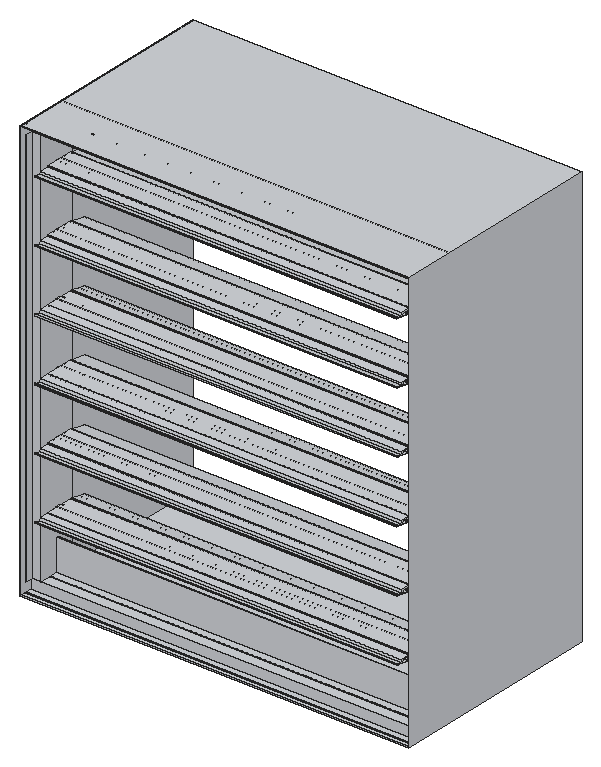
Revit family "FS-AF-OW-I, FS-AF-OW-II", category Mechanical Equipment, Revit 2015
Parameters
  URL = "https://unitedenertech.com/catalog/pdf/P-50%20%20%20FS-AF-OW-I.pdf-color.pdf"
  Type Comments = "Max. Single Section Size is 36\"w x 48\"h, Max. Multi Section Size is 42\"w x 48\"h"
  Model = "F/S-AF-OW-I, F/S-AF-OW-II"
  Manufacturer = "United Enertech Corporation"
  Keynote = "FSLF-120 Actuator Shown In the Air Stream, Consult Factory for Out of the Air Stream Placement in Models. See Website for Correct Actuator for Damper Size."
  Exact Width = 3' - 0"
  Exact Height = 3' - 3"
  Description = "Outside Wall Combination Fire/Smoke Damper"
  Depth = 1' - 8"
  Blade Spacing = 0' - 5 3/4"
  Blade Number [instance] = rounddown((Exact Height - 0' 3") / Blade Spacing)  # 6
  BW [instance] = Exact Width - 0' 2 1/2"  # 2' - 9 1/2"
Reference planes (in)
  plane 1 "Center (Front/Back)": y = 0
  plane 2: z = 0
  plane 3 "Center (Left/Right)": x = 0
  plane 4: z = 39
  plane 5: x = -18
  plane 6: x = 18
  plane 7: z = 0.0359
  plane 8: z = 38.9641
  plane 9: x = -17.9641
  plane 10: x = 17.9641
  plane 11: y = 19.5
  plane 12: y = 5
  plane 13: z = 0.9348
  plane 14: z = 38.0293
  plane 15: x = -17.0293
  plane 16: x = 17.0293
  plane 17: y = 4.3098
  plane 18: z = 37.5
  plane 19: z = 35.24218
  plane 20: z = 35.97045
  plane 21: z = 35.35
  plane 22: y = -0.5
Forms (in)
  Extrusion 1, solid
    sketch origin (0, 0, 0) x (1, 0, 0) y (0, 0, 1)
      loop
        line (-17.9641, 38.9641) -> (-17.9641, 0.0359) -> (17.9641, 0.0359) -> (17.9641, 38.9641) -> (-17.9641, 38.9641)
      loop
        line (-18, 39) -> (-18, 0) -> (18, 0) -> (18, 39) -> (-18, 39)
    from -19.5 to 0.5
  Extrusion 2, solid
    sketch origin (23.93472, -8.11588, 0) x (1, 0, 0) y (0, 1, 0)
      loop
        line (-41.83902, 8.11588) -> (-41.83902, 8.17568) -> (-41.83902, 8.80608) -> (-40.96402, 8.80608) -> (-40.96402, 12.42568) -> (-41.83902, 12.42568) -> (-41.83902, 13.05608) -> (-41.83902, 13.11588) -> (-41.89882, 13.11588) -> (-41.89882, 12.36588) -> (-41.02382, 12.36588) -> (-41.02382, 8.86588) -> (-41.89882, 8.86588) -> (-41.89882, 8.11588) -> (-41.83902, 8.11588)
    from 0.9348 to 38.0293
  Extrusion 3, solid
    sketch origin (31.96104, -8.11588, 36.89882) x (0, 0, 1) y (0, 1, 0)
      loop
        line (-36.83902, 8.17568) -> (-36.83902, 8.80608) -> (-35.96402, 8.80608) -> (-35.96402, 12.42568) -> (-36.83902, 12.42568) -> (-36.83902, 13.05608) -> (-36.83902, 13.11588) -> (-36.89882, 13.11588) -> (-36.89882, 12.36588) -> (-36.02382, 12.36588) -> (-36.02382, 8.86588) -> (-36.89882, 8.86588) -> (-36.89882, 8.11588) -> (-36.83902, 8.11588) -> (-36.83902, 8.17568)
    from 13.99694 to 49.92514
  Extrusion 4, solid
    sketch origin (26.89178, -38.52709, 32.33205) x (0, -1, 0) y (0, 0, -1)
      loop
        line (-41.02709, -5.19725) -> (-41.02709, -5.69725) -> (-40.27709, -5.69725) -> (-40.27709, -5.61625) -> (-40.94609, -5.61625) -> (-40.94609, -5.19725) -> (-41.02709, -5.19725)
    from -43.92108 to -9.86248
  Extrusion 5, solid
    sketch origin (62.39247, 5.64851, 0.33329) x (0, 1, 0) y (0, 0, 1)
      loop
        line (-3.14851, 3.60151) -> (-3.22663, 3.60151) -> (-3.22663, 0.67964) -> (-3.89851, 0.67964) -> (-3.89851, 0.60151) -> (-3.14851, 0.60151) -> (-3.14851, 3.60151)
    from -79.42177 to -45.36317
  Extrusion 6, solid
    sketch origin (-23.93472, -8.11588, 0) x (-1, 0, 0) y (0, -1, 0)
      loop
        line (-41.83902, -8.11588) -> (-41.89882, -8.11588) -> (-41.89882, -8.86588) -> (-41.02382, -8.86588) -> (-41.02382, -12.36588) -> (-41.89882, -12.36588) -> (-41.89882, -13.11588) -> (-41.83902, -13.11588) -> (-41.83902, -13.05608) -> (-41.83902, -12.42568) -> (-40.96402, -12.42568) -> (-40.96402, -8.80608) -> (-41.83902, -8.80608) -> (-41.83902, -8.17568) -> (-41.83902, -8.11588)
    from 0.9348 to 38.0293
  Extrusion 7, solid
    sketch origin (31.96104, -8.11588, 11.06528) x (0, 0, -1) y (0, -1, 0)
      loop
        line (-27.83902, -8.17568) -> (-27.83902, -8.11588) -> (-27.89882, -8.11588) -> (-27.89882, -8.86588) -> (-27.02382, -8.86588) -> (-27.02382, -12.36588) -> (-27.89882, -12.36588) -> (-27.89882, -13.11588) -> (-27.83902, -13.11588) -> (-27.83902, -13.05608) -> (-27.83902, -12.42568) -> (-26.96402, -12.42568) -> (-26.96402, -8.80608) -> (-27.83902, -8.80608) -> (-27.83902, -8.17568)
    from 13.99694 to 49.92514
  Extrusion 8, solid
    sketch origin (0, 0, 0) x (0, 1, 0) y (0, 0, 1)
      loop
        line (7.9528, 35.24218) -> (7.6668, 35.24218)
        arc (7.6668, 35.24218) -> (7.8098, 34.71875) -> (7.9528, 35.24218) r 0.28125
    from -17.9641 to 17.9641
Dimensions and locks (in)
  "Exact Height": plane 4 to level
  equal spacing: plane 5, plane 3 "Center (Left/Right)", plane 6
  "Exact Width": plane 5 to plane 6
  locked: plane 7 to level at 0.0359
  locked: plane 4 to plane 8 at 0.0359
  locked: plane 5 to plane 9 at 0.0359
  locked: plane 10 to plane 6 at 0.0359
  locked: plane 1 "Center (Front/Back)" to plane 12 at 5
  locked: plane 13 to level at 0.9348
  locked: plane 8 to plane 14 at 0.9348
  locked: plane 15 to plane 9 at 0.9348
  locked: plane 10 to plane 16 at 0.9348
  locked: plane 12 to plane 17 at 0.6902
  locked: plane 4 to plane 18 at 1.5
  locked: plane 4 to plane 19 at 3.75782
  locked: plane 4 to plane 20 at 3.02955
  locked: plane 4 to plane 21 at 3.65
  equal spacing: group 2, group 3, group 4, group 5, group 6, group 7  (x2)
  equal spacing: group 7, group 6, group 5, group 4, group 3, group 2
  "Blade Spacing": nested 6 to nested 5
  locked: plane 1 "Center (Front/Back)" to plane 22 at 0.5
  "Depth": plane 11 to plane 22
  aligned and locked: level to plane 2
  aligned and locked: Extrusion 1 sketch curve to plane 4
  aligned and locked: level to Extrusion 1 sketch curve
  aligned and locked: Extrusion 1 sketch curve to plane 5
  aligned and locked: Extrusion 1 sketch curve to plane 6
  aligned and locked: Extrusion 1 sketch curve to plane 8
  aligned and locked: plane 7 to Extrusion 1 sketch curve
  aligned and locked: plane 10 to Extrusion 1 sketch curve
  aligned and locked: plane 9 to Extrusion 1 sketch curve
  aligned and locked: plane 11 to Extrusion 1
  aligned and locked: Extrusion 2 to plane 9
  aligned and locked: Extrusion 6 to plane 10
  aligned and locked: Extrusion 3 to plane 9
  aligned and locked: Extrusion 3 to plane 10
  aligned and locked: Extrusion 6 to plane 13
  aligned and locked: Extrusion 2 to plane 13
  aligned and locked: plane 8 to Extrusion 7
  aligned and locked: plane 14 to Extrusion 6
  aligned and locked: plane 14 to Extrusion 2
  aligned and locked: Extrusion 7 to plane 9
  aligned and locked: Extrusion 7 to plane 10
  aligned and locked: Extrusion 5 to plane 15
  aligned and locked: plane 16 to Extrusion 5
  aligned and locked: Extrusion 7 to plane 14
  aligned and locked: plane 14 to Extrusion 4
  aligned and locked: Extrusion 4 to plane 15
  aligned and locked: plane 16 to Extrusion 4
  aligned and locked: nested 2 to plane 10
  aligned and locked: plane 9 to nested 3
  aligned and locked: nested 3 to plane 17
  aligned and locked: plane 17 to nested 2
  aligned and locked: Extrusion 8 to plane 10
  aligned and locked: Extrusion 8 to plane 9
  aligned and locked: nested 3 to plane 18
  aligned and locked: plane 18 to nested 2
  aligned and locked: plane 19 to Extrusion 8
  aligned and locked: plane 16 to nested 4
  aligned and locked: plane 20 to nested 4
  aligned and locked: plane 3 "Center (Left/Right)" to nested 5
  aligned and locked: plane 21 to nested 5
  aligned and locked: Extrusion 1 to plane 22
Automatic sketch dimensions
  Extrusion 2 sketch curve to plane 9 = 0' - 0"  (x2)
  plane 1 "Center (Front/Back)" to Extrusion 2 sketch curve = 0' - 0"
  plane 12 to Extrusion 2 sketch curve = 0' - 0"
  plane 9 to Extrusion 2 sketch curve = 0' - 0.0598"  (x2)
  Extrusion 2 sketch curve to Extrusion 2 sketch curve = 0' - 0.8152"
  Extrusion 2 sketch curve to Extrusion 2 sketch curve = 0' - 0.0598"  (x4)
  Extrusion 2 sketch curve to plane 1 "Center (Front/Back)" = 0' - 0.0598"
  Extrusion 2 sketch curve to Extrusion 2 sketch curve = 0' - 0.6304"
  Extrusion 2 sketch curve to Extrusion 2 sketch curve = 0' - 0 3/4"
  Extrusion 3 sketch curve to level = 0' - 0"  (x2)
  Extrusion 3 sketch curve to plane 1 "Center (Front/Back)" = 0' - 0"
  Extrusion 3 sketch curve to plane 12 = 0' - 0"
  Extrusion 3 sketch curve to plane 13 = 0' - 0"
  plane 7 to Extrusion 3 sketch curve = 0' - 0.0239"  (x2)
  Extrusion 3 sketch curve to plane 13 = 0' - 0.0598"
  Extrusion 3 sketch curve to plane 1 "Center (Front/Back)" = 0' - 0.0598"
  Extrusion 3 sketch curve to Extrusion 3 sketch curve = 0' - 0.6304"
  Extrusion 3 sketch curve to Extrusion 3 sketch curve = 0' - 0.0598"  (x2)
  plane 12 to Extrusion 3 sketch curve = 0' - 0 3/4"
  plane 12 to Extrusion 3 sketch curve = 0' - 0.0598"
  Extrusion 4 sketch curve to plane 8 = 0' - 1.4348"
  Extrusion 4 sketch curve to Extrusion 4 sketch curve = 0' - 0.081"  (x2)
  Extrusion 4 sketch curve to Extrusion 4 sketch curve = 0' - 0.669"
  Extrusion 4 sketch curve to Extrusion 4 sketch curve = 0' - 0.419"
  Extrusion 5 sketch curve to plane 13 = 0' - 0"
  plane 13 to Extrusion 5 sketch curve = 0' - 0 5/64"
  Extrusion 5 sketch curve to Extrusion 5 sketch curve = 0' - 0 43/64"
  Extrusion 5 sketch curve to Extrusion 5 sketch curve = 0' - 0 5/64"
  Extrusion 5 sketch curve to Extrusion 5 sketch curve = 0' - 2 59/64"
  Extrusion 6 sketch curve to plane 10 = 0' - 0"  (x2)
  plane 1 "Center (Front/Back)" to Extrusion 6 sketch curve = 0' - 0"
  plane 12 to Extrusion 6 sketch curve = 0' - 0"
  Extrusion 6 sketch curve to plane 10 = 0' - 0.0598"  (x2)
  Extrusion 6 sketch curve to Extrusion 6 sketch curve = 0' - 0.8152"
  Extrusion 6 sketch curve to Extrusion 6 sketch curve = 0' - 0.0598"  (x3)
  plane 1 "Center (Front/Back)" to Extrusion 6 sketch curve = 0' - 0.0598"
  Extrusion 6 sketch curve to Extrusion 6 sketch curve = 0' - 0.6304"
  Extrusion 6 sketch curve to plane 12 = 0' - 0 3/4"
  Extrusion 6 sketch curve to plane 12 = 0' - 0.0598"
  Extrusion 7 sketch curve to plane 1 "Center (Front/Back)" = 0' - 0"
  Extrusion 7 sketch curve to plane 12 = 0' - 0"
  plane 12 to Extrusion 7 sketch curve = 0' - 0 3/4"
  Extrusion 7 sketch curve to plane 8 = 0' - 0"
  Extrusion 7 sketch curve to Extrusion 7 sketch curve = 0' - 0"
  Extrusion 7 sketch curve to Extrusion 7 sketch curve = 0' - 0.0598"  (x6)
  Extrusion 7 sketch curve to Extrusion 7 sketch curve = 0' - 0.8152"
  Extrusion 7 sketch curve to plane 1 "Center (Front/Back)" = 0' - 0 3/4"
  Extrusion 7 sketch curve to plane 1 "Center (Front/Back)" = 0' - 0.0598"
  Extrusion 8 sketch curve to plane 12 = 0' - 2.8098"
  Extrusion 8 sketch curve to Extrusion 8 sketch curve = 0' - 0.143"
  Extrusion 8 sketch curve to plane 19 = 0' - 0"
  Extrusion 8 sketch curve to plane 19 = 0' - 0 31/128"
  plane 17 to Extrusion 4 sketch curve = 0' - 1.8098"
  Extrusion 5 sketch curve to plane 1 "Center (Front/Back)" = 0' - 1 3/4"
Nested families (in)
  nested 1: "160BL" at (62.39247, -25.11688, 30.67097), type "160BL", not visible
    with Blade Width 2' - 9 1/2"
  nested 2: "Fire Smoke Actuator Bracket" at (18.23913, 4.3098, 36.56141) x (0, 0, 1) z (0, 1, 0), type "Fire Smoke Actuator Bracket"
  nested 3: "Fire Smoke Actuator Bracket" at (-18.23913, 4.3098, 36.56141) x (0, 0, 1) z (0, 1, 0), type "Fire Smoke Actuator Bracket"
  nested 4: "FSLF-120" at (14.8204, 12.99816, 27.76305), type "FSLF-120"
  nested 5: "160BL" at (0, 2.25202, 33.74365), type "160BL"
    with Blade Width 2' - 9 1/2"
  nested 6: "160BL" at (0, 2.25202, 27.99365), type "160BL"
    with Blade Width 2' - 9 1/2"
  nested 7: "160BL" at (0, 2.25202, 22.24365), type "160BL"
    with Blade Width 2' - 9 1/2"
  nested 8: "160BL" at (0, 2.25202, 16.49365), type "160BL"
    with Blade Width 2' - 9 1/2"
  nested 9: "160BL" at (0, 2.25202, 10.74365), type "160BL"
    with Blade Width 2' - 9 1/2"
  nested 10: "160BL" at (0, 2.25202, 4.99365), type "160BL"
    with Blade Width 2' - 9 1/2"
Definition of nested family "160BL"
  Parameters (values of type "160BL")
    Blade Width = 2' - 0"
  Reference planes (in)
    plane 1 "Center (Front/Back)": y = 0
    plane 2: z = 0
    plane 3 "Center (Left/Right)": x = 0
    plane 4: x = -12
    plane 5: x = 12
    plane 6: x = 13
    plane 7: x = 10
    plane 8: x = -10
    plane 9: x = -13
  Forms (in)
    Extrusion 1, solid
      sketch origin (-29.66395, -41.88595, -4.51752) x (0, -1, 0) y (0, 0, -1)
        loop
          line (-42.3214, -5.69562) -> (-42.3214, -6.04405) -> (-41.94647, -6.04405) -> (-41.94647, -5.69562) -> (-42.3214, -5.69562)
      from 39.66395 to 42.66395
    Extrusion 2, solid
      sketch origin (-29.66395, -42.01854, -6.8342) x (0, -1, 0) y (0, 0, -1)
        loop
          line (-43.46599, -7.97904) -> (-43.51899, -7.97904) -> (-43.51899, -8.39235) -> (-42.90411, -8.41377) -> (-42.50696, -8.41377) -> (-42.50696, -8.36074) -> (-42.90411, -8.36074) -> (-43.46599, -8.34116) -> (-43.46599, -7.97904)
      from 17.66395 to 41.66395
    Extrusion 3, solid
      sketch origin (-29.66395, -42.01854, -6.8342) x (0, -1, 0) y (0, 0, -1)
        loop
          line (-43.41296, -8.32667) -> (-43.41296, -8.03022) -> (-42.89933, -8.01224) -> (-42.50696, -8.01224) -> (-42.50696, -8.41377) -> (-42.02598, -8.41377) -> (-42.02598, -8.0123) -> (-41.62883, -8.0123) -> (-41.11996, -8.03003) -> (-41.11996, -8.32648) -> (-41.06699, -8.32648) -> (-41.06699, -7.97904) -> (-41.63442, -7.95927) -> (-42.07906, -7.95927) -> (-42.07906, -8.36074) -> (-42.45398, -8.36074) -> (-42.45398, -7.95927) -> (-42.90119, -7.95927) -> (-43.46596, -7.97904) -> (-43.46596, -8.32667) -> (-43.41296, -8.32667)
      from 17.66395 to 41.66395
    Extrusion 4, solid
      sketch origin (-29.66395, -42.01854, -6.8342) x (0, -1, 0) y (0, 0, -1)
        loop
          line (-42.45398, -7.95927) -> (-42.45398, -8.01224) -> (-42.07906, -8.01224) -> (-42.07906, -7.95927) -> (-42.45398, -7.95927)
      from 17.66395 to 41.66395
    Extrusion 5, solid
      sketch origin (-29.66395, -42.01854, -6.8342) x (0, -1, 0) y (0, 0, -1)
        loop
          line (-41.06705, -7.97904) -> (-41.06705, -8.34116) -> (-41.62893, -8.36074) -> (-42.02598, -8.36074) -> (-42.02598, -8.41377) -> (-41.62893, -8.41377) -> (-41.01405, -8.39235) -> (-41.01405, -7.97904) -> (-41.06705, -7.97904)
      from 17.66395 to 41.66395
    Extrusion 6, solid
      sketch origin (-29.66395, -42.01854, -6.8342) x (0, -1, 0) y (0, 0, -1)
        loop
          line (-45.11444, -8.04212) -> (-45.14143, -8.06102) -> (-45.14143, -8.15472) -> (-43.65311, -8.44766) -> (-43.61881, -8.3631) -> (-43.58593, -8.44056) -> (-40.94517, -8.44056) -> (-40.91325, -8.36156) -> (-40.87962, -8.44109) -> (-40.06454, -8.37558) -> (-40.01199, -8.16476) -> (-39.44168, -8.27557) -> (-39.41851, -8.2524) -> (-40.03184, -8.13323) -> (-40.08641, -8.35172) -> (-40.86, -8.41376) -> (-40.88095, -8.33556) -> (-40.94478, -8.33556) -> (-40.96652, -8.41377) -> (-43.56615, -8.41377) -> (-43.58705, -8.33578) -> (-43.65168, -8.33578) -> (-43.67323, -8.41619) -> (-45.11444, -8.13252) -> (-45.11444, -8.04212)
      from 17.66395 to 41.66395
    Extrusion 7, solid
      sketch origin (-29.66395, 42.51351, 9.53877) x (0, 1, 0) y (0, 0, 1)
        loop
          line (-45.11444, -8.04212) -> (-45.14143, -8.06102) -> (-45.14143, -8.15472) -> (-43.65311, -8.44766) -> (-43.61881, -8.3631) -> (-43.58593, -8.44056) -> (-40.94517, -8.44056) -> (-40.91325, -8.36156) -> (-40.87962, -8.44109) -> (-40.06454, -8.37558) -> (-40.01199, -8.16476) -> (-39.44168, -8.27557) -> (-39.41851, -8.2524) -> (-40.03184, -8.13323) -> (-40.08641, -8.35172) -> (-40.86, -8.41376) -> (-40.88095, -8.33556) -> (-40.94478, -8.33556) -> (-40.96652, -8.41377) -> (-43.56615, -8.41377) -> (-43.58705, -8.33578) -> (-43.65168, -8.33578) -> (-43.67323, -8.41619) -> (-45.11444, -8.13252) -> (-45.11444, -8.04212)
      from 17.66395 to 41.66395
    Extrusion 8, solid
      sketch origin (-63.16395, -41.88595, -4.51752) x (0, -1, 0) y (0, 0, -1)
        loop
          line (-42.3214, -5.69562) -> (-42.3214, -6.04405) -> (-41.94647, -6.04405) -> (-41.94647, -5.69562) -> (-42.3214, -5.69562)
      from 50.16395 to 53.16395
  Dimensions and locks (in)
    equal spacing: plane 4, plane 3 "Center (Left/Right)", plane 5
    "Blade Width": plane 4 to plane 5
    locked: plane 7 to plane 5 at 2
    locked: plane 5 to plane 6 at 1
    locked: plane 4 to plane 8 at 2
    locked: plane 9 to plane 4 at 1
    aligned and locked: level to plane 2
    aligned and locked: plane 5 to Extrusion 6
    aligned and locked: plane 5 to Extrusion 7
    aligned and locked: plane 5 to Extrusion 5
    aligned and locked: plane 5 to Extrusion 3
    aligned and locked: plane 5 to Extrusion 2
    aligned and locked: Extrusion 1 to plane 6
    aligned and locked: plane 5 to Extrusion 4
    aligned and locked: plane 7 to Extrusion 1
    aligned and locked: Extrusion 8 to plane 9
    aligned and locked: Extrusion 8 to plane 8
    aligned and locked: plane 4 to Extrusion 6
    aligned and locked: plane 4 to Extrusion 7
    aligned and locked: plane 4 to Extrusion 2
    aligned and locked: plane 4 to Extrusion 3
    aligned and locked: plane 4 to Extrusion 5
    aligned and locked: plane 4 to Extrusion 4
  Automatic sketch dimensions
    Extrusion 1 sketch curve to plane 1 "Center (Front/Back)" = 0' - 0.43545"
    Extrusion 1 sketch curve to plane 1 "Center (Front/Back)" = 0' - 0.06052"
    level to Extrusion 1 sketch curve = 0' - 1.52654"
    Extrusion 1 sketch curve to Extrusion 1 sketch curve = 0' - 0.34843"
    Extrusion 2 sketch curve to plane 1 "Center (Front/Back)" = 0' - 1.50045"
    Extrusion 2 sketch curve to Extrusion 2 sketch curve = 0' - 0.053"
    Extrusion 2 sketch curve to Extrusion 2 sketch curve = 0' - 0.56188"
    Extrusion 2 sketch curve to Extrusion 2 sketch curve = 0' - 0"
    Extrusion 2 sketch curve to Extrusion 2 sketch curve = 0' - 0.39715"
    level to Extrusion 2 sketch curve = 0' - 1.57957"
    Extrusion 2 sketch curve to Extrusion 2 sketch curve = 0' - 0.02142"
    Extrusion 2 sketch curve to Extrusion 2 sketch curve = 0' - 0.05303"
    Extrusion 2 sketch curve to Extrusion 2 sketch curve = 0' - 0.05119"
    Extrusion 2 sketch curve to Extrusion 2 sketch curve = 0' - 0.36212"
    Extrusion 3 sketch curve to plane 1 "Center (Front/Back)" = 0' - 1.44742"
    Extrusion 3 sketch curve to Extrusion 3 sketch curve = 0' - 0.053"
    Extrusion 3 sketch curve to Extrusion 3 sketch curve = 0' - 0.51177"
    Extrusion 3 sketch curve to Extrusion 3 sketch curve = 0' - 0.00185"
    Extrusion 3 sketch curve to plane 1 "Center (Front/Back)" = 0' - 0.48842"
    Extrusion 3 sketch curve to Extrusion 3 sketch curve = 0' - 0.05297"  (x3)
    Extrusion 3 sketch curve to plane 1 "Center (Front/Back)" = 0' - 0.06052"
    Extrusion 3 sketch curve to plane 1 "Center (Front/Back)" = 0' - 0.00745"
    plane 1 "Center (Front/Back)" to Extrusion 3 sketch curve = 0' - 0.38411"
    Extrusion 3 sketch curve to Extrusion 3 sketch curve = 0' - 0.00559"
    Extrusion 3 sketch curve to Extrusion 3 sketch curve = 0' - 0.50887"
    level to Extrusion 3 sketch curve = 0' - 1.57957"
    Extrusion 3 sketch curve to Extrusion 3 sketch curve = 0' - 0.05303"  (x2)
    Extrusion 3 sketch curve to Extrusion 3 sketch curve = 0' - 0.0871"
    Extrusion 3 sketch curve to Extrusion 3 sketch curve = 0' - 0.08729"
    Extrusion 3 sketch curve to Extrusion 3 sketch curve = 0' - 0.29645"  (x2)
    Extrusion 3 sketch curve to Extrusion 3 sketch curve = 0' - 0.34843"
    Extrusion 3 sketch curve to Extrusion 3 sketch curve = 0' - 0.01798"
    Extrusion 3 sketch curve to Extrusion 3 sketch curve = 0' - 0.05099"
    Extrusion 3 sketch curve to Extrusion 3 sketch curve = 0' - 0.05118"
    Extrusion 4 sketch curve to plane 1 "Center (Front/Back)" = 0' - 0.43545"
    Extrusion 4 sketch curve to plane 1 "Center (Front/Back)" = 0' - 0.06052"
    level to Extrusion 4 sketch curve = 0' - 1.17804"
    Extrusion 4 sketch curve to Extrusion 4 sketch curve = 0' - 0.05297"
    Extrusion 5 sketch curve to plane 1 "Center (Front/Back)" = 0' - 0.00745"
    plane 1 "Center (Front/Back)" to Extrusion 5 sketch curve = 0' - 0.3896"
    Extrusion 5 sketch curve to Extrusion 5 sketch curve = 0' - 0"
    Extrusion 5 sketch curve to Extrusion 5 sketch curve = 0' - 0.56188"
    Extrusion 5 sketch curve to Extrusion 5 sketch curve = 0' - 0.053"
    level to Extrusion 5 sketch curve = 0' - 1.57957"
    Extrusion 5 sketch curve to Extrusion 5 sketch curve = 0' - 0.02142"
    Extrusion 5 sketch curve to Extrusion 5 sketch curve = 0' - 0.05303"
    Extrusion 5 sketch curve to Extrusion 5 sketch curve = 0' - 0.05119"
    Extrusion 5 sketch curve to Extrusion 5 sketch curve = 0' - 0.36212"
    level to Extrusion 6 sketch curve = 0' - 1.32052"
    Extrusion 6 sketch curve to plane 1 "Center (Front/Back)" = 0' - 3.12289"
    level to Extrusion 6 sketch curve = 0' - 1.20792"
    Extrusion 6 sketch curve to Extrusion 6 sketch curve = 0' - 0.02699"
    Extrusion 6 sketch curve to Extrusion 6 sketch curve = 0' - 1.44121"
    Extrusion 6 sketch curve to Extrusion 6 sketch curve = 0' - 0.02012"
    Extrusion 6 sketch curve to Extrusion 6 sketch curve = 0' - 0.02155"
    Extrusion 6 sketch curve to Extrusion 6 sketch curve = 0' - 0.03287"
    Extrusion 6 sketch curve to Extrusion 6 sketch curve = 0' - 0.03176"
    Extrusion 6 sketch curve to Extrusion 6 sketch curve = 0' - 0.06717"
    Extrusion 6 sketch curve to Extrusion 6 sketch curve = 0' - 0.01978"
    plane 1 "Center (Front/Back)" to Extrusion 6 sketch curve = 0' - 1.05202"
    Extrusion 6 sketch curve to Extrusion 6 sketch curve = 0' - 0.02136"
    Extrusion 6 sketch curve to Extrusion 6 sketch curve = 0' - 0.02174"
    Extrusion 6 sketch curve to Extrusion 6 sketch curve = 0' - 0.03153"  (x2)
    Extrusion 6 sketch curve to Extrusion 6 sketch curve = 0' - 0.0323"
    Extrusion 6 sketch curve to Extrusion 6 sketch curve = 0' - 0.06554"
    Extrusion 6 sketch curve to Extrusion 6 sketch curve = 0' - 0.01963"
    Extrusion 6 sketch curve to Extrusion 6 sketch curve = 0' - 0.77359"
    Extrusion 6 sketch curve to Extrusion 6 sketch curve = 0' - 0.02187"
    Extrusion 6 sketch curve to Extrusion 6 sketch curve = 0' - 0.05457"
    Extrusion 6 sketch curve to Extrusion 6 sketch curve = 0' - 0.01985"
    Extrusion 6 sketch curve to Extrusion 6 sketch curve = 0' - 0 73/128"
    Extrusion 6 sketch curve to Extrusion 6 sketch curve = 0' - 0.02317"  (x2)
    level to Extrusion 6 sketch curve = 0' - 1.33056"
    Extrusion 6 sketch curve to Extrusion 6 sketch curve = 0' - 0.08764"
    Extrusion 6 sketch curve to Extrusion 6 sketch curve = 0' - 0.1708"
    level to Extrusion 6 sketch curve = 0' - 1.50158"
    Extrusion 6 sketch curve to Extrusion 6 sketch curve = 0' - 0.18696"
    Extrusion 6 sketch curve to Extrusion 6 sketch curve = 0' - 0.02601"
    Extrusion 6 sketch curve to Extrusion 6 sketch curve = 0' - 0 7/256"  (x2)
    Extrusion 6 sketch curve to Extrusion 6 sketch curve = 0' - 0.02386"
    Extrusion 6 sketch curve to Extrusion 6 sketch curve = 0' - 0.05219"
    Extrusion 6 sketch curve to Extrusion 6 sketch curve = 0' - 0.05067"
    Extrusion 6 sketch curve to Extrusion 6 sketch curve = 0' - 0.05309"
    Extrusion 6 sketch curve to Extrusion 6 sketch curve = 0' - 0.02679"
    Extrusion 6 sketch curve to Extrusion 6 sketch curve = 0' - 0.03147"
    Extrusion 6 sketch curve to Extrusion 6 sketch curve = 0' - 0.0222"
    Extrusion 6 sketch curve to Extrusion 6 sketch curve = 0' - 0.0189"
    plane 1 "Center (Front/Back)" to Extrusion 7 sketch curve = 0' - 2.62792"
    Extrusion 7 sketch curve to Extrusion 7 sketch curve = 0' - 0.02699"
    plane 1 "Center (Front/Back)" to Extrusion 7 sketch curve = 0' - 1.15972"
    Extrusion 7 sketch curve to Extrusion 7 sketch curve = 0' - 0.02012"
    Extrusion 7 sketch curve to Extrusion 7 sketch curve = 0' - 0.02155"
    Extrusion 7 sketch curve to Extrusion 7 sketch curve = 0' - 0.03287"
    Extrusion 7 sketch curve to Extrusion 7 sketch curve = 0' - 0.03176"
    Extrusion 7 sketch curve to Extrusion 7 sketch curve = 0' - 0.06717"
    Extrusion 7 sketch curve to Extrusion 7 sketch curve = 0' - 0.01978"
    Extrusion 7 sketch curve to plane 1 "Center (Front/Back)" = 0' - 1.54699"
    Extrusion 7 sketch curve to Extrusion 7 sketch curve = 0' - 0.02136"
    Extrusion 7 sketch curve to Extrusion 7 sketch curve = 0' - 0.02174"
    Extrusion 7 sketch curve to Extrusion 7 sketch curve = 0' - 0.03153"  (x2)
    Extrusion 7 sketch curve to Extrusion 7 sketch curve = 0' - 0.0323"
    Extrusion 7 sketch curve to Extrusion 7 sketch curve = 0' - 0.06554"
    Extrusion 7 sketch curve to Extrusion 7 sketch curve = 0' - 0.01963"
    level to Extrusion 7 sketch curve = 0' - 1.18705"
    Extrusion 7 sketch curve to Extrusion 7 sketch curve = 0' - 0.77359"
    level to Extrusion 7 sketch curve = 0' - 1.16319"
    Extrusion 7 sketch curve to Extrusion 7 sketch curve = 0' - 0.02187"
    Extrusion 7 sketch curve to Extrusion 7 sketch curve = 0' - 0.05457"
    Extrusion 7 sketch curve to Extrusion 7 sketch curve = 0' - 0.01985"
    level to Extrusion 7 sketch curve = 0' - 1.2632"
    Extrusion 7 sketch curve to Extrusion 7 sketch curve = 0' - 0 73/128"
    level to Extrusion 7 sketch curve = 0' - 1.28637"
    Extrusion 7 sketch curve to Extrusion 7 sketch curve = 0' - 0.02317"
    Extrusion 7 sketch curve to Extrusion 7 sketch curve = 0' - 0.06204"
    level to Extrusion 7 sketch curve = 0' - 1 1/8"
    Extrusion 7 sketch curve to Extrusion 7 sketch curve = 0' - 0.00242"
    Extrusion 7 sketch curve to Extrusion 7 sketch curve = 0' - 0.02679"
    Extrusion 7 sketch curve to Extrusion 7 sketch curve = 0' - 0 7/256"  (x2)
    Extrusion 7 sketch curve to Extrusion 7 sketch curve = 0' - 0.03147"
    Extrusion 7 sketch curve to Extrusion 7 sketch curve = 0' - 0.05067"
    Extrusion 7 sketch curve to Extrusion 7 sketch curve = 0' - 0.05219"
    Extrusion 7 sketch curve to Extrusion 7 sketch curve = 0' - 0.02601"
    Extrusion 7 sketch curve to Extrusion 7 sketch curve = 0' - 0.18696"
    level to Extrusion 7 sketch curve = 0' - 1.38405"
    Extrusion 7 sketch curve to Extrusion 7 sketch curve = 0' - 0.0222"
    Extrusion 7 sketch curve to Extrusion 7 sketch curve = 0' - 0.07151"
    Extrusion 7 sketch curve to Extrusion 7 sketch curve = 0' - 0.0189"
    Extrusion 8 sketch curve to plane 1 "Center (Front/Back)" = 0' - 0.43545"
    Extrusion 8 sketch curve to plane 1 "Center (Front/Back)" = 0' - 0.06052"
    level to Extrusion 8 sketch curve = 0' - 1.52654"
    Extrusion 8 sketch curve to Extrusion 8 sketch curve = 0' - 0.34843"
Definition of nested family "Fire Smoke Actuator Bracket"
  Reference planes (in)
    plane 1 "Center (Front/Back)": y = 0
    plane 2: z = 0
    plane 3 "Center (Left/Right)": x = 0
  Forms (in)
    Extrusion 1, solid
      sketch origin (54.09185, -14.49387, 0) x (1, 0, 0) y (0, 1, 0)
        loop
          line (-53.15326, 14.21883) -> (-53.90326, 14.21883) -> (-53.90326, 14.00399) -> (-57.40326, 14.00399) -> (-57.40326, 14.21883) -> (-58.15326, 14.21883) -> (-58.15326, 14.18293) -> (-57.43842, 14.18293) -> (-57.43842, 13.96883) -> (-53.8681, 13.96883) -> (-53.8681, 14.18293) -> (-53.15326, 14.18293) -> (-53.15326, 14.21883)
      from 0 to 5
    Extrusion 2, void
      sketch origin (0, 0, 0) x (1, 0, 0) y (0, 0, 1)
        loop
          circle (-1.56141, 3.5) r 0.28125
      from 0 to 1.04299
  Cuts and joins
    Extrusion 2 cuts Extrusion 1
  Dimensions and locks (in)
    aligned and locked: level to plane 2
Definition of nested family "FSLF-120"
  Reference planes (in)
    plane 1 "Center (Front/Back)": y = 0
    plane 2: z = 0
    plane 3 "Center (Left/Right)": x = 0
  Forms (in)
    Extrusion 1, solid
      sketch origin (0, 0, 0) x (0, 1, 0) y (0, 0, 1)
        loop
          arc (-3.58331, 2.09938) -> (-3.44059, 2.1585) -> (-3.38147, 2.30122) r 0.20184
          line (-3.38147, 2.30122) -> (-3.38147, 7.89928)
          arc (-3.38147, 7.89928) -> (-3.44059, 8.042) -> (-3.58331, 8.10111) r 0.20184
          line (-3.58331, 8.10111) -> (-6.82752, 8.10111)
          arc (-6.82752, 8.10111) -> (-6.97024, 8.042) -> (-7.02936, 7.89928) r 0.20184
          line (-7.02936, 7.89928) -> (-7.02936, 2.30122)
          arc (-7.02936, 2.30122) -> (-6.97024, 2.1585) -> (-6.82752, 2.09938) r 0.20184
          line (-6.82752, 2.09938) -> (-3.58331, 2.09938)
        loop
          circle (-4.59401, 4.1698) r 0.10344
        loop
          circle (-5.18836, 7.24712) r 0.27109
      from 0 to 2.0647
    Extrusion 2, solid
      sketch origin (0, 0, 0) x (0, 1, 0) y (0, 0, 1)
        loop
          line (-5.07889, 1.84303) -> (-5.07889, 1.35428)
          arc (-5.07889, 1.35428) -> (-4.1161, 1.55637) -> (-3.27519, 2.06694) r 2.91799
          line (-3.27519, 2.06694) -> (-3.27519, 7.89928)
          arc (-3.27519, 7.89928) -> (-3.36543, 8.11715) -> (-3.58331, 8.2074) r 0.30812
          line (-3.58331, 8.2074) -> (-6.82752, 8.2074)
          arc (-6.82752, 8.2074) -> (-7.0454, 8.11715) -> (-7.13564, 7.89928) r 0.30812
          line (-7.13564, 7.89928) -> (-7.13564, 2.09702)
          arc (-7.13564, 2.09702) -> (-6.28174, 1.56481) -> (-5.29782, 1.35428) r 2.91799
          line (-5.29782, 1.35428) -> (-5.29782, 1.84303)
          arc (-5.29782, 1.84303) -> (-5.18836, 1.95249) -> (-5.07889, 1.84303) r 0.10947
        loop
          circle (-4.59401, 4.1698) r 0.28363
        loop
          circle (-5.18836, 7.24712) r 0.27109
      from 0 to -0.1442
    Extrusion 3, solid
      sketch origin (0, 0, 0) x (0, 1, 0) y (0, 0, 1)
        loop
          line (-5.07889, 1.84303) -> (-5.07889, 1.35428)
          arc (-5.07889, 1.35428) -> (-4.1161, 1.55637) -> (-3.27519, 2.06694) r 2.91799
          line (-3.27519, 2.06694) -> (-3.27519, 7.89928)
          arc (-3.27519, 7.89928) -> (-3.36543, 8.11715) -> (-3.58331, 8.2074) r 0.30812
          line (-3.58331, 8.2074) -> (-6.82752, 8.2074)
          arc (-6.82752, 8.2074) -> (-7.0454, 8.11715) -> (-7.13564, 7.89928) r 0.30812
          line (-7.13564, 7.89928) -> (-7.13564, 2.09702)
          arc (-7.13564, 2.09702) -> (-6.28174, 1.56481) -> (-5.29782, 1.35428) r 2.91799
          line (-5.29782, 1.35428) -> (-5.29782, 1.84303)
          arc (-5.29782, 1.84303) -> (-5.18836, 1.95249) -> (-5.07889, 1.84303) r 0.10947
        loop
          circle (-4.59401, 4.1698) r 0.28363
        loop
          circle (-5.18836, 7.24712) r 0.27109
      from 2.2089 to 2.0647
    Revolve 4, solid
      sketch origin (0.70002, 0, 0) x (0, 1, 0) y (0, 0, 1)
        loop
          line (-4.0031, 0.95098) -> (-3.92703, 0.95098) -> (-3.92703, 1.1774) -> (-3.48966, 1.1774) -> (-3.48966, 2.15927) -> (-4.0031, 2.15927) -> (-4.0031, 0.95098)
        axis (-4.0031, 0.95098) -> (-4.0031, 2.15927)
      angle from 0 to 360
    Revolve 5, solid
      sketch origin (0.70002, -10.37672, 0) x (0, -1, 0) y (0, 0, -1)
        loop
          line (-4.0031, -0.95098) -> (-4.0031, -2.15927) -> (-3.48966, -2.15927) -> (-3.48966, -1.1774) -> (-3.92703, -1.1774) -> (-3.92703, -0.95098) -> (-4.0031, -0.95098)
        axis (-4.0031, -0.95098) -> (-4.0031, -2.15927)
      angle from 0 to 360
    Extrusion 6, solid
      sketch origin (0, 0, 0) x (0, 1, 0) y (0, 0, 1)
        loop
          circle (-5.18836, 7.24712) r 0.54048
        loop
          circle (-5.18836, 7.24712) r 0.27109
      from 2.4389 to -0.3742
    Extrusion 7, solid
      sketch origin (0, 0, 0) x (0, 1, 0) y (0, 0, 1)
        loop
          line (-3.91306, 6.71864) -> (-3.7518, 6.90501) -> (-4.82025, 7.82944)
          arc (-4.82025, 7.82944) -> (-4.90724, 7.87836) -> (-5.00644, 7.88936) r 0.25
          line (-5.00644, 7.88936) -> (-5.62705, 7.83298)
          arc (-5.62705, 7.83298) -> (-5.79594, 7.74469) -> (-5.85355, 7.56303) r 0.25
          line (-5.85355, 7.56303) -> (-5.80333, 6.9664)
          arc (-5.80333, 6.9664) -> (-5.77611, 6.8722) -> (-5.71475, 6.79572) r 0.25
          line (-5.71475, 6.79572) -> (-4.62328, 5.88139) -> (-4.46502, 6.07031) -> (-5.47779, 6.9187)
          arc (-5.47779, 6.9187) -> (-5.53914, 6.99518) -> (-5.56637, 7.08938) r 0.25
          line (-5.56637, 7.08938) -> (-5.58744, 7.33975)
          arc (-5.58744, 7.33975) -> (-5.52983, 7.52141) -> (-5.36094, 7.60969) r 0.25
          line (-5.36094, 7.60969) -> (-5.08847, 7.63444)
          arc (-5.08847, 7.63444) -> (-4.98927, 7.62345) -> (-4.90228, 7.57453) r 0.25
          line (-4.90228, 7.57453) -> (-3.91306, 6.71864)
      from -0.45408 to -0.64826
    Extrusion 8, solid
      sketch origin (0, 0, 0) x (0, 1, 0) y (0, 0, 1)
        loop
          line (-4.84561, 5.92964) -> (-3.84342, 7.12404) -> (-3.96137, 7.30719) -> (-4.09731, 7.46769)
          arc (-4.09731, 7.46769) -> (-4.29911, 7.57665) -> (-4.45285, 7.74683) r 0.67563
          arc (-4.45285, 7.74683) -> (-4.52455, 7.65639) -> (-4.6158, 7.58572) r 0.47899
          line (-4.6158, 7.58572) -> (-4.72882, 7.47247)
          arc (-4.72882, 7.47247) -> (-4.85345, 6.98422) -> (-5.32567, 6.80835) r 0.54335
          line (-5.32567, 6.80835) -> (-5.42625, 6.68392)
          arc (-5.42625, 6.68392) -> (-5.48681, 6.58567) -> (-5.56911, 6.50475) r 0.47899
          arc (-5.56911, 6.50475) -> (-5.38353, 6.37) -> (-5.25372, 6.18093) r 0.67563
          line (-5.25372, 6.18093) -> (-5.03529, 5.99894) -> (-4.84561, 5.92964)
      from -0.78829 to -0.7065
    Extrusion 9, solid
      sketch origin (0, 0, 0) x (0, 1, 0) y (0, 0, 1)
        loop
          line (-4.84561, 5.92964) -> (-3.84342, 7.12404) -> (-3.87926, 7.17969) -> (-4.90878, 5.95271) -> (-4.84561, 5.92964)
      from -0.7065 to -0.1442
  Lines and regions (in)
    model lines
      curve 1: arc (0, -4.09731, 7.46769) -> (0, -4.29911, 7.57665) -> (0, -4.45285, 7.74683) r 0.67563
      curve 2: arc (0, -4.45285, 7.74683) -> (0, -4.52455, 7.65639) -> (0, -4.6158, 7.58572) r 0.47899
      curve 3: arc (0, -5.56911, 6.50475) -> (0, -5.38353, 6.37) -> (0, -5.25372, 6.18093) r 0.67563
      curve 4: arc (0, -5.42625, 6.68392) -> (0, -5.48681, 6.58567) -> (0, -5.56911, 6.50475) r 0.47899
      curve 5: arc (0, -4.72882, 7.47247) -> (0, -4.85345, 6.98422) -> (0, -5.32567, 6.80835) r 0.54335
      curve 6: arc (0, -5.08847, 7.63444) -> (0, -4.98927, 7.62345) -> (0, -4.90228, 7.57453) r 0.25
      curve 7: arc (0, -5.00644, 7.88936) -> (0, -4.90724, 7.87836) -> (0, -4.82025, 7.82944) r 0.25
      curve 8: arc (0, -5.47779, 6.9187) -> (0, -5.53914, 6.99518) -> (0, -5.56637, 7.08938) r 0.25
      curve 9: arc (0, -5.58744, 7.33975) -> (0, -5.52983, 7.52141) -> (0, -5.36094, 7.60969) r 0.25
      curve 10: line (0, -4.72882, 7.47247) -> (0, -4.6158, 7.58572)
      curve 11: line (0, -5.25372, 6.18093) -> (0, -5.03529, 5.99894)
      curve 12: line (0, -5.03529, 5.99894) -> (0, -3.96137, 7.30719)
      curve 13: line (0, -3.96137, 7.30719) -> (0, -4.09731, 7.46769)
      curve 14: line (0, -5.16521, 6.11335) -> (0, -4.05485, 7.41756)
      curve 15: line (0, -4.98938, 6.05486) -> (0, -4.84561, 5.92964)
      curve 16: line (0, -4.84561, 5.92964) -> (0, -3.84342, 7.12404)
      curve 17: line (0, -3.84342, 7.12404) -> (0, -3.9942, 7.26719)
      curve 18: line (0, -5.47779, 6.9187) -> (0, -4.46502, 6.07031)
      curve 19: line (0, -4.46502, 6.07031) -> (0, -4.62328, 5.88139)
      curve 20: line (0, -4.62328, 5.88139) -> (0, -5.71475, 6.79572)
      curve 21: line (0, -5.32567, 6.80835) -> (0, -5.42625, 6.68392)
      curve 22: line (0, -4.90228, 7.57453) -> (0, -3.91306, 6.71864)
      curve 23: line (0, -3.91306, 6.71864) -> (0, -3.7518, 6.90501)
      curve 24: line (0, -3.7518, 6.90501) -> (0, -4.82025, 7.82944)
      curve 25: line (0, -5.08847, 7.63444) -> (0, -5.36094, 7.60969)
      curve 26: line (0, -5.00644, 7.88936) -> (0, -5.62705, 7.83298)
      curve 27: line (0, -5.56637, 7.08938) -> (0, -5.58744, 7.33975)
      curve 28: line (0, -5.80333, 6.9664) -> (0, -5.85355, 7.56303)
      curve 29: arc (0, -5.71475, 6.79572) -> (0, -5.77611, 6.8722) -> (0, -5.80333, 6.9664) r 0.25
      curve 30: arc (0, -5.85355, 7.56303) -> (0, -5.79594, 7.74469) -> (0, -5.62705, 7.83298) r 0.25
      curve 31: circle (0, -4.59401, 4.1698) r 0.10344 normal (-1, 0, 0)
      curve 32: arc (0, -7.02936, 7.89928) -> (0, -6.97024, 8.042) -> (0, -6.82752, 8.10111) r 0.20184
      curve 33: arc (0, -3.58331, 8.10111) -> (0, -3.44059, 8.042) -> (0, -3.38147, 7.89928) r 0.20184
      curve 34: circle (0, -5.18836, 7.24712) r 0.27109 normal (-1, 0, 0)
      curve 35: circle (0, -5.18836, 7.24712) r 0.54048 normal (-1, 0, 0)
      curve 36: line (0, -6.82752, 8.10111) -> (0, -3.58331, 8.10111)
      curve 37: line (0, -7.02936, 7.89928) -> (0, -7.02936, 2.30122)
      curve 38: line (0, -3.38147, 2.30122) -> (0, -3.38147, 7.89928)
      curve 39: circle (0, -4.59401, 4.1698) r 0.28363 normal (-1, 0, 0)
      curve 40: arc (0, -7.13564, 7.89928) -> (0, -7.0454, 8.11715) -> (0, -6.82752, 8.2074) r 0.30812
      curve 41: arc (0, -3.58331, 8.2074) -> (0, -3.36543, 8.11715) -> (0, -3.27519, 7.89928) r 0.30812
      curve 42: line (0, -7.13564, 2.09702) -> (0, -7.13564, 7.89928)
      curve 43: line (0, -6.82752, 8.2074) -> (0, -3.58331, 8.2074)
      curve 44: line (0, -3.27519, 2.06694) -> (0, -3.27519, 7.89928)
  Dimensions and locks (in)
    aligned and locked: level to plane 2
